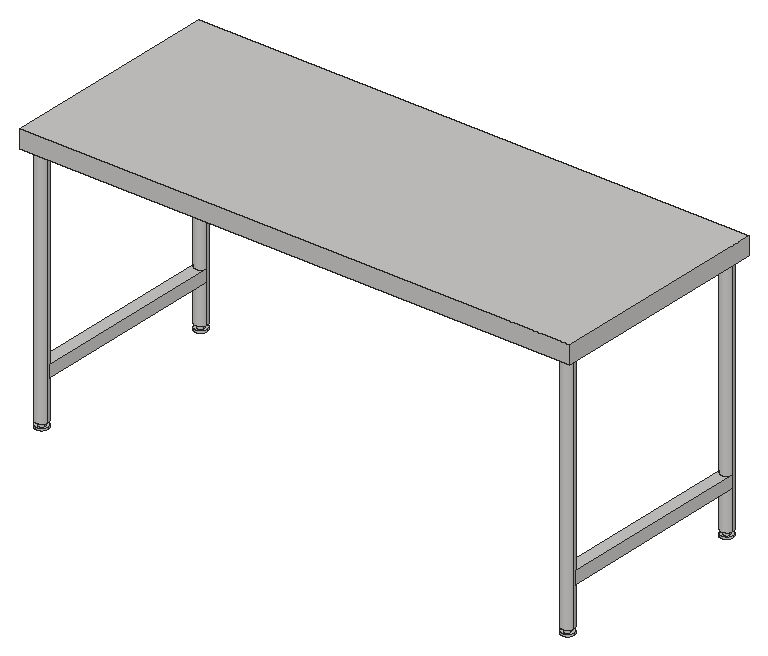
Revit family
Parameters (values of type "1850 X 750")
  URL = "http://www.autospec.co.za/browse.php?id=1644179283"
  Product Code = "None"
  OmniClass Title = ""
  OmniClass Number = ""
  Modspec Classification = ""
  Specification = ""
  Material = Stainless Steel Grade 304
  Location (revit room) = ""
  Description = ""
  Colour = none
  Body Finish = none
  Width = 750 mm
  Model = "Wall Benches Series W-1850 X 750"
  Manufacturer = "Kwikot"  # constant formula
  Length = 1850 mm
  Height = 900 mm
  Assembly Code = "E1090300"
Reference planes
  plane 1 "Center (Front/Back)": y = 0
  plane 2 "Bottom": z = 0
  plane 3 "Center (Left/Right)": x = 0
  plane 4 "Left": x = -925
  plane 5 "Right": x = 925
  plane 6 "Front": y = -750
  plane 7 "Top": z = 900
  plane 8: z = 840
Forms (mm)
  Extrusion 1, solid, material "Stainless Steel Grade 304" <- "Material"
    sketch origin (-925, -491, 4000) x (0, -1, 0) y (0, 0, 1)
      loop
        line (-491, -3160) -> (259, -3160) -> (259, -3100) -> (-491, -3100) -> (-491, -3160)
    from 0 to -1850
  Extrusion 2, solid, material "Stainless Steel Grade 304" <- "Material"
    sketch origin (0, 0, 0) x (1, 0, 0) y (0, 1, 0)
      loop
        circle (-885, -710) r 21
      loop
        circle (-885, -40) r 21
      loop
        circle (885, -710) r 21
      loop
        circle (885, -40) r 21
    from 0 to 5
  Extrusion 3, solid, material "Stainless Steel Grade 304" <- "Material"
    sketch origin (0, 0, 0) x (1, 0, 0) y (0, 1, 0)
      loop
        circle (-885, -40) r 10
      loop
        circle (-885, -710) r 10
      loop
        circle (885, -710) r 10
      loop
        circle (885, -40) r 10
    from 5 to 20
  Extrusion 4, solid, material "Stainless Steel Grade 304" <- "Material"
    sketch origin (-779.234, -1524, 840) x (-1, 0, 0) y (0, -1, 0)
      loop
        circle (105.766, -1484) r 21
      loop
        circle (-1664.234, -1484) r 21
      loop
        circle (-1664.234, -814) r 21
      loop
        circle (105.766, -814) r 21
    from 0 to -820
  Extrusion 5, solid, material "Stainless Steel Grade 304" <- "Material"
    sketch origin (0, 0, 0) x (1, 0, 0) y (0, 1, 0)
      loop
        line (-906, -40) -> (-906, -710)
        arc (-906, -710) -> (-885, -689) -> (-864, -710) r 21
        line (-864, -710) -> (-864, -40)
        arc (-864, -40) -> (-885, -61) -> (-906, -40) r 21
      loop
        line (864, -40) -> (864, -710)
        arc (864, -710) -> (885, -689) -> (906, -710) r 21
        line (906, -710) -> (906, -40)
        arc (906, -40) -> (885, -61) -> (864, -40) r 21
    from 150 to 190
Lines and regions (mm)
  symbolic lines
    curve 1: line (-925, 0, 750) -> (-925, -750, 750)
    curve 2: line (925, 0, 750) -> (-925, 0, 750)
    curve 3: line (925, -750, 750) -> (925, 0, 750)
    curve 4: line (-925, -750, 750) -> (925, -750, 750)
Dimensions and locks
  equal spacing: plane 4 "Left", plane 3 "Center (Left/Right)", plane 5 "Right"
  "Length": plane 4 "Left" to plane 5 "Right"
  "Width": plane 1 "Center (Front/Back)" to plane 6 "Front"
  "Height": plane 7 "Top" to level
  plane 4 "Left" to Extrusion 2 sketch curve = 40 mm  (x2)
  Extrusion 2 sketch curve to plane 6 "Front" = 40 mm  (x2)
  Extrusion 2 sketch curve to plane 1 "Center (Front/Back)" = 40 mm  (x2)
  Extrusion 2 sketch curve to plane 5 "Right" = 40 mm  (x2)
  Extrusion 5 to plane 2 "Bottom" = 150 mm
  plane 7 "Top" to plane 8 = 60 mm
  radius of Extrusion 2 sketch curve = 21 mm  (x4)
  aligned and locked: level to plane 2 "Bottom"
  aligned and locked: Extrusion 1 sketch curve to plane 8
  aligned and locked: Extrusion 1 sketch curve to plane 1 "Center (Front/Back)"
  aligned and locked: Extrusion 1 sketch curve to plane 6 "Front"
  aligned and locked: plane 7 "Top" to Extrusion 1 sketch curve
  aligned and locked: plane 4 "Left" to Extrusion 1
  aligned and locked: Extrusion 1 to plane 5 "Right"
  aligned and locked: Extrusion 4 sketch curve to Extrusion 2  (x8)
  aligned and locked: Extrusion 4 to Extrusion 3
  aligned and locked: Extrusion 5 sketch curve to Extrusion 4  (x4)
Automatic sketch dimensions
  plane 1 "Center (Front/Back)" to curve 2 = 0 mm
  curve 2 to plane 5 "Right" = 0 mm
  curve 1 to plane 4 "Left" = 0 mm
  curve 1 to plane 6 "Front" = 0 mm
  Extrusion 3 sketch curve to plane 4 "Left" = 30 mm  (x2)
  Extrusion 3 sketch curve to Extrusion 3 sketch curve = 10 mm  (x4)
  plane 5 "Right" to Extrusion 3 sketch curve = 50 mm  (x2)
  plane 6 "Front" to Extrusion 3 sketch curve = 40 mm  (x2)
  plane 1 "Center (Front/Back)" to Extrusion 3 sketch curve = 40 mm  (x2)
  Extrusion 5 sketch curve to Extrusion 5 sketch curve = 0 mm
